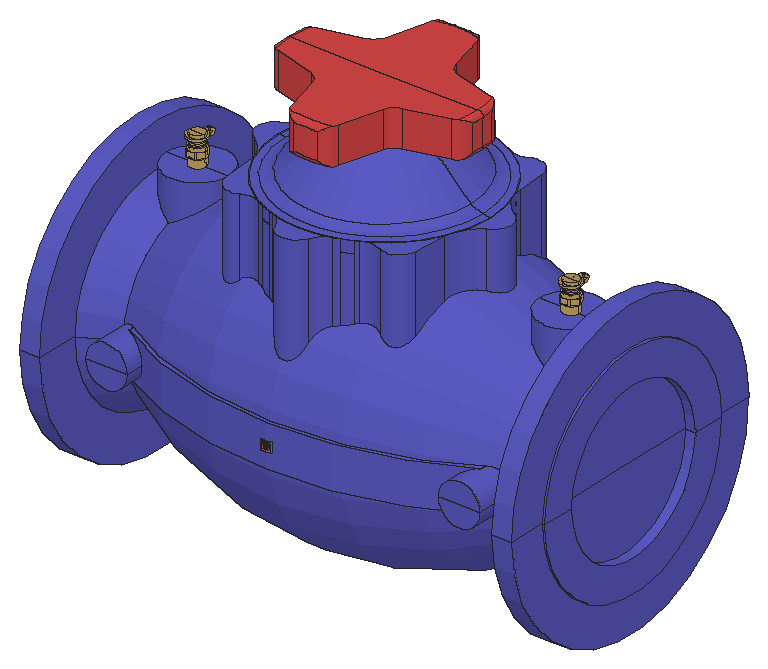
Revit family "HERZ Strömax Commissioning Valve With Test points, Straight Body 4218 GMF", category Rohrzubehör, Revit 2021 (continued)
Definition of nested family "Messstutzen_Band_Austritt_senkrecht_(oben 25)"
  Forms (mm)
    Extrusion 4, solid, detail levels fine
      sketch origin (12.045, 0, 25.83) x (0, 1, 0) y (0.906308, 0, -0.422618)
        loop
          arc (9.582, 1.8) -> (7.288, 2.358) -> (5.505, 3.906) r 5
          arc (5.505, 3.906) -> (-6.75, 0) -> (5.505, -3.906) r 6.75
      from 0 to -1.5
    Extrusion 5, solid, detail levels fine
      sketch origin (14.022, 0, 30.07) x (0, 1, 0) y (0.906308, 0, -0.422618)
        loop
          circle (0, 0) r 6.1
        loop
          arc (8.652, -4.495) -> (10.493, -2.527) -> (13.089, -1.8) r 5
          line (13.089, -1.8) -> (13.089, 1.8)
          arc (13.089, 1.8) -> (10.493, 2.527) -> (8.652, 4.495) r 5
          arc (8.652, 4.495) -> (-9.75, 0) -> (8.652, -4.495) r 9.75
      from 0 to -1.5
    Sweep 6, solid, detail levels fine
      path origin (0.876, 0.242, 1.118) x (-0.422618, 0, -0.906308) y (0, 1, 0)
        loop
          line (-27.75, 9.582) -> (-27.75, 14.522)
          arc (-27.75, 14.522) -> (-30.089, 16.862) -> (-32.428, 14.522) r 2.339
          line (-32.428, 14.522) -> (-32.428, 13.089)
      profile origin (12.603, 12.294, 26.268) x (0.422618, 0, 0.906308) y (0.906308, 0, -0.422618)
        loop
          line (-0.75, -1.8) -> (0.75, -1.8) -> (0.75, 1.8) -> (-0.75, 1.8) -> (-0.75, -1.8)
  Dimensions and locks
    aligned and locked: level to plane 2
Definition of nested family "Messstutzen_Band_Austritt_senkrecht_(oben 0.8)"
  Parameters (values of type "Messstutzen_Band_Austritt_senkrecht_(oben 0.8)")
    Default Elevation = 0.00 mm
    URL = "www.herz-armaturen.at"
    Schutzkappe [instance] = yes
    Nennweite [instance] = 0.00 mm
    Manufacturer = "Herz Armaturen GmbH"  # constant formula
    Gewicht [instance] = 0.00 kg
    Bestellnummer [instance] = 0
  Reference planes
    plane 1 "Mitte (Vorne/hinten)": y = 0
    plane 2: z = 0
    plane 3 "Mitte (Links/rechts)": x = 0
  Forms (mm)
    Revolve 1, solid, detail levels fine
      sketch origin (0, 0, 0) x (0.999903, 0, -0.013962) y (0.013962, 0, 0.999903)
        loop
          line (-7.4, 9) -> (-5.55, 9) -> (-5.55, 6)
          arc (-5.55, 6) -> (-5.626, 5.617) -> (-5.843, 5.293) r 1
          line (-5.843, 5.293) -> (-6.455, 4.681) -> (-6.455, 0.9) -> (-5.555, 0) -> (-2, 0) -> (-2, 17.5) -> (-8.4, 17.5)
          arc (-8.4, 17.5) -> (-7.693, 17.207) -> (-7.4, 16.5) r 1
          line (-7.4, 16.5) -> (-7.4, 9)
        loop
          line (-3.7, 27) -> (-7.3, 27) -> (-7.9, 26.4) -> (-7.9, 23) -> (-2, 23) -> (-2, 35.8) -> (-3.805, 35.8) -> (-4.415, 35.19) -> (-4.415, 30.863) -> (-3.7, 30.45) -> (-3.7, 27)
        axis (0, 0) -> (0, 35.8)
      angle from 0 to 360
    Extrusion 2, solid, detail levels fine
      sketch origin (0.244, 0, 17.498) x (0, 1, 0) y (-0.999903, 0, 0.013962)
        loop
          arc (-7.07, 5.156) -> (-7.578, 4.375) -> (-8, 3.544) r 8.75
          line (-8, 3.544) -> (-8, -3.544)
          arc (-8, -3.544) -> (-7.578, -4.375) -> (-7.07, -5.156) r 8.75
          line (-7.07, -5.156) -> (-0.93, -8.7)
          arc (-0.93, -8.7) -> (0, -8.75) -> (0.93, -8.7) r 8.75
          line (0.93, -8.7) -> (7.07, -5.156)
          arc (7.07, -5.156) -> (7.578, -4.375) -> (8, -3.544) r 8.75
          line (8, -3.544) -> (8, 3.544)
          arc (8, 3.544) -> (7.578, 4.375) -> (7.07, 5.156) r 8.75
          line (7.07, 5.156) -> (0.93, 8.7)
          arc (0.93, 8.7) -> (0, 8.75) -> (-0.93, 8.7) r 8.75
          line (-0.93, 8.7) -> (-7.07, 5.156)
      from 0 to 5.5
    Revolve 3, solid, visible <- "Schutzkappe", detail levels fine
      sketch origin (0, 0, 0) x (0.999903, 0, -0.013962) y (0.013962, 0, 0.999903)
        loop
          line (0, 35.878) -> (0, 36.678) -> (-7, 36.678) -> (-7, 33.378) -> (-6.1, 33.378) -> (-6.1, 31.678) -> (-6.9, 31.678) -> (-6.9, 30.178) -> (-4.415, 30.178) -> (-4.415, 35.268) -> (-3.805, 35.878) -> (0, 35.878)
        axis (0, 30.178) -> (0, 36.678)
      angle from 0 to 360
    Extrusion 4, solid, detail levels fine
      sketch origin (0.398, 0, 28.497) x (0, 1, 0) y (0.999903, 0, -0.013962)
        loop
          circle (0, 0) r 3.7
        loop
          arc (5.505, -3.906) -> (7.288, -2.358) -> (9.582, -1.8) r 5
          line (9.582, -1.8) -> (9.582, 1.8)
          arc (9.582, 1.8) -> (7.288, 2.358) -> (5.505, 3.906) r 5
          arc (5.505, 3.906) -> (-6.75, 0) -> (5.505, -3.906) r 6.75
      from 0 to -1.5
    Extrusion 5, solid, detail levels fine
      sketch origin (0.463, 0, 33.175) x (0, 1, 0) y (0.999903, 0, -0.013962)
        loop
          circle (0, 0) r 6.1
        loop
          arc (8.652, -4.495) -> (10.493, -2.527) -> (13.089, -1.8) r 5
          line (13.089, -1.8) -> (13.089, 1.8)
          arc (13.089, 1.8) -> (10.493, 2.527) -> (8.652, 4.495) r 5
          arc (8.652, 4.495) -> (-9.75, 0) -> (8.652, -4.495) r 9.75
      from 0 to -1.5
    Sweep 6, solid, detail levels fine
      path origin (0.514, 0.493, 1.007) x (-0.013962, 0, -0.999903) y (0, 1, 0)
        loop
          line (-27.75, 9.582) -> (-27.75, 14.522)
          arc (-27.75, 14.522) -> (-30.089, 16.862) -> (-32.428, 14.522) r 2.339
          line (-32.428, 14.522) -> (-32.428, 13.089)
      profile origin (0.901, 12.545, 28.754) x (0.013962, 0, 0.999903) y (0.999903, 0, -0.013962)
        loop
          line (-0.75, -1.8) -> (0.75, -1.8) -> (0.75, 1.8) -> (-0.75, 1.8) -> (-0.75, -1.8)
  Dimensions and locks
    aligned and locked: level to plane 2
Definition of nested family "Messstutzen_Band_Eintritt_senkrecht_(oben 10)"
  Parameters (values of type "Messstutzen_Band_Eintritt_senkrecht_(oben 10)")
    Default Elevation = 0.00 mm
    URL = "www.herz-armaturen.at"
    Schutzkappe [instance] = yes
    Nennweite [instance] = 0.00 mm
    Manufacturer = "Herz Armaturen GmbH"  # constant formula
    Gewicht [instance] = 0.00 kg
    Bestellnummer [instance] = 0
  Reference planes
    plane 1 "Mitte (Vorne/hinten)": y = 0
    plane 2: z = 0
    plane 3 "Mitte (Links/rechts)": x = 0
  Forms (mm)
    Revolve 1, solid, detail levels fine
      sketch origin (0, 0, 0) x (0.984808, 0, 0.173648) y (-0.173648, 0, 0.984808)
        loop
          line (-7.4, 9) -> (-5.55, 9) -> (-5.55, 6)
          arc (-5.55, 6) -> (-5.626, 5.617) -> (-5.843, 5.293) r 1
          line (-5.843, 5.293) -> (-6.455, 4.681) -> (-6.455, 0.9) -> (-5.555, 0) -> (-2, 0) -> (-2, 17.5) -> (-8.4, 17.5)
          arc (-8.4, 17.5) -> (-7.693, 17.207) -> (-7.4, 16.5) r 1
          line (-7.4, 16.5) -> (-7.4, 9)
        loop
          line (-3.7, 27) -> (-7.3, 27) -> (-7.9, 26.4) -> (-7.9, 23) -> (-2, 23) -> (-2, 35.8) -> (-3.805, 35.8) -> (-4.415, 35.19) -> (-4.415, 30.863) -> (-3.7, 30.45) -> (-3.7, 27)
        axis (0, 0) -> (0, 35.8)
      angle from 0 to 360
    Extrusion 2, solid, detail levels fine
      sketch origin (-3.039, 0, 17.234) x (0, 1, 0) y (-0.984808, 0, -0.173648)
        loop
          arc (-7.07, 5.156) -> (-7.578, 4.375) -> (-8, 3.544) r 8.75
          line (-8, 3.544) -> (-8, -3.544)
          arc (-8, -3.544) -> (-7.578, -4.375) -> (-7.07, -5.156) r 8.75
          line (-7.07, -5.156) -> (-0.93, -8.7)
          arc (-0.93, -8.7) -> (0, -8.75) -> (0.93, -8.7) r 8.75
          line (0.93, -8.7) -> (7.07, -5.156)
          arc (7.07, -5.156) -> (7.578, -4.375) -> (8, -3.544) r 8.75
          line (8, -3.544) -> (8, 3.544)
          arc (8, 3.544) -> (7.578, 4.375) -> (7.07, 5.156) r 8.75
          line (7.07, 5.156) -> (0.93, 8.7)
          arc (0.93, 8.7) -> (0, 8.75) -> (-0.93, 8.7) r 8.75
          line (-0.93, 8.7) -> (-7.07, 5.156)
      from 0 to 5.5
    Revolve 3, solid, visible <- "Schutzkappe", detail levels fine
      sketch origin (0, 0, 0) x (0.984808, 0, 0.173648) y (-0.173648, 0, 0.984808)
        loop
          line (0, 35.878) -> (0, 36.678) -> (-7, 36.678) -> (-7, 33.378) -> (-6.1, 33.378) -> (-6.1, 31.678) -> (-6.9, 31.678) -> (-6.9, 30.178) -> (-4.415, 30.178) -> (-4.415, 35.268) -> (-3.805, 35.878) -> (0, 35.878)
        axis (0, 30.178) -> (0, 36.678)
      angle from 0 to 360
    Extrusion 4, solid, detail levels fine
      sketch origin (-4.949, 0, 28.067) x (0, 1, 0) y (0.984808, 0, 0.173648)
        loop
          circle (0, 0) r 3.7
        loop
          arc (5.505, -3.906) -> (7.288, -2.358) -> (9.582, -1.8) r 5
          line (9.582, -1.8) -> (9.582, 1.8)
          arc (9.582, 1.8) -> (7.288, 2.358) -> (5.505, 3.906) r 5
          arc (5.505, 3.906) -> (-6.75, 0) -> (5.505, -3.906) r 6.75
      from 0 to -1.5
    Extrusion 5, solid, detail levels fine
      sketch origin (-5.761, 0, 32.674) x (0, 1, 0) y (0.984808, 0, 0.173648)
        loop
          circle (0, 0) r 6.1
        loop
          arc (8.652, -4.495) -> (10.493, -2.527) -> (13.089, -1.8) r 5
          line (13.089, -1.8) -> (13.089, 1.8)
          arc (13.089, 1.8) -> (10.493, 2.527) -> (8.652, 4.495) r 5
          arc (8.652, 4.495) -> (-9.75, 0) -> (8.652, -4.495) r 9.75
      from 0 to -1.5
    Sweep 6, solid, detail levels fine
      path origin (0.6, 0.141, 0.838) x (0.173648, 0, -0.984808) y (0, 1, 0)
        loop
          line (-27.75, 9.582) -> (-27.75, 14.522)
          arc (-27.75, 14.522) -> (-30.089, 16.862) -> (-32.428, 14.522) r 2.339
          line (-32.428, 14.522) -> (-32.428, 13.089)
      profile origin (-4.219, 12.193, 28.166) x (-0.173648, 0, 0.984808) y (0.984808, 0, 0.173648)
        loop
          line (-0.75, -1.8) -> (0.75, -1.8) -> (0.75, 1.8) -> (-0.75, 1.8) -> (-0.75, -1.8)
  Dimensions and locks
    aligned and locked: level to plane 2
Definition of nested family "Messstutzen_Band_Eintritt_senkrecht_(oben 15)"
  Parameters (values of type "Messstutzen_Band_Eintritt_senkrecht_(oben 15)")
    Default Elevation = 0.00 mm
    URL = "www.herz-armaturen.at"
    Schutzkappe [instance] = yes
    Nennweite [instance] = 0.00 mm
    Manufacturer = "Herz Armaturen GmbH"  # constant formula
    Gewicht [instance] = 0.00 kg
    Bestellnummer [instance] = 0
  Reference planes
    plane 1 "Mitte (Vorne/hinten)": y = 0
    plane 2: z = 0
    plane 3 "Mitte (Links/rechts)": x = 0
  Forms (mm)
    Revolve 1, solid, detail levels fine
      sketch origin (0, 0, 0) x (0.965926, 0, 0.258819) y (-0.258819, 0, 0.965926)
        loop
          line (-7.4, 9) -> (-5.55, 9) -> (-5.55, 6)
          arc (-5.55, 6) -> (-5.626, 5.617) -> (-5.843, 5.293) r 1
          line (-5.843, 5.293) -> (-6.455, 4.681) -> (-6.455, 0.9) -> (-5.555, 0) -> (-2, 0) -> (-2, 17.5) -> (-8.4, 17.5)
          arc (-8.4, 17.5) -> (-7.693, 17.207) -> (-7.4, 16.5) r 1
          line (-7.4, 16.5) -> (-7.4, 9)
        loop
          line (-3.7, 27) -> (-7.3, 27) -> (-7.9, 26.4) -> (-7.9, 23) -> (-2, 23) -> (-2, 35.8) -> (-3.805, 35.8) -> (-4.415, 35.19) -> (-4.415, 30.863) -> (-3.7, 30.45) -> (-3.7, 27)
        axis (0, 0) -> (0, 35.8)
      angle from 0 to 360
    Extrusion 2, solid, detail levels fine
      sketch origin (-4.529, 0, 16.904) x (0, 1, 0) y (-0.965926, 0, -0.258819)
        loop
          arc (-7.07, 5.156) -> (-7.578, 4.375) -> (-8, 3.544) r 8.75
          line (-8, 3.544) -> (-8, -3.544)
          arc (-8, -3.544) -> (-7.578, -4.375) -> (-7.07, -5.156) r 8.75
          line (-7.07, -5.156) -> (-0.93, -8.7)
          arc (-0.93, -8.7) -> (0, -8.75) -> (0.93, -8.7) r 8.75
          line (0.93, -8.7) -> (7.07, -5.156)
          arc (7.07, -5.156) -> (7.578, -4.375) -> (8, -3.544) r 8.75
          line (8, -3.544) -> (8, 3.544)
          arc (8, 3.544) -> (7.578, 4.375) -> (7.07, 5.156) r 8.75
          line (7.07, 5.156) -> (0.93, 8.7)
          arc (0.93, 8.7) -> (0, 8.75) -> (-0.93, 8.7) r 8.75
          line (-0.93, 8.7) -> (-7.07, 5.156)
      from 0 to 5.5
    Revolve 3, solid, visible <- "Schutzkappe", detail levels fine
      sketch origin (0, 0, 0) x (0.965926, 0, 0.258819) y (-0.258819, 0, 0.965926)
        loop
          line (0, 35.878) -> (0, 36.678) -> (-7, 36.678) -> (-7, 33.378) -> (-6.1, 33.378) -> (-6.1, 31.678) -> (-6.9, 31.678) -> (-6.9, 30.178) -> (-4.415, 30.178) -> (-4.415, 35.268) -> (-3.805, 35.878) -> (0, 35.878)
        axis (0, 30.178) -> (0, 36.678)
      angle from 0 to 360
    Extrusion 4, solid, detail levels fine
      sketch origin (-7.376, 0, 27.529) x (0, 1, 0) y (0.965926, 0, 0.258819)
        loop
          circle (0, 0) r 3.7
        loop
          arc (5.505, -3.906) -> (7.288, -2.358) -> (9.582, -1.8) r 5
          line (9.582, -1.8) -> (9.582, 1.8)
          arc (9.582, 1.8) -> (7.288, 2.358) -> (5.505, 3.906) r 5
          arc (5.505, 3.906) -> (-6.75, 0) -> (5.505, -3.906) r 6.75
      from 0 to -1.5
    Extrusion 5, solid, detail levels fine
      sketch origin (-8.587, 0, 32.048) x (0, 1, 0) y (0.965926, 0, 0.258819)
        loop
          circle (0, 0) r 6.1
        loop
          arc (8.652, -4.495) -> (10.493, -2.527) -> (13.089, -1.8) r 5
          line (13.089, -1.8) -> (13.089, 1.8)
          arc (13.089, 1.8) -> (10.493, 2.527) -> (8.652, 4.495) r 5
          arc (8.652, 4.495) -> (-9.75, 0) -> (8.652, -4.495) r 9.75
      from 0 to -1.5
    Sweep 6, solid, detail levels fine
      path origin (0.468, 0.277, 0.942) x (0.258819, 0, -0.965926) y (0, 1, 0)
        loop
          line (-27.75, 9.582) -> (-27.75, 14.522)
          arc (-27.75, 14.522) -> (-30.089, 16.862) -> (-32.428, 14.522) r 2.339
          line (-32.428, 14.522) -> (-32.428, 13.089)
      profile origin (-6.714, 12.329, 27.747) x (-0.258819, 0, 0.965926) y (0.965926, 0, 0.258819)
        loop
          line (-0.75, -1.8) -> (0.75, -1.8) -> (0.75, 1.8) -> (-0.75, 1.8) -> (-0.75, -1.8)
  Dimensions and locks
    aligned and locked: level to plane 2
Definition of nested family "Messstutzen_Band_Eintritt_senkrecht_(oben 25)"
  Parameters (values of type "Messstutzen_Band_Eintritt_senkrecht_(oben 25)")
    Default Elevation = 0.00 mm
    URL = "www.herz-armaturen.at"
    Schutzkappe [instance] = yes
    Nennweite [instance] = 0.00 mm
    Manufacturer = "Herz Armaturen GmbH"  # constant formula
    Gewicht [instance] = 0.00 kg
    Bestellnummer [instance] = 0
  Reference planes
    plane 1 "Mitte (Vorne/hinten)": y = 0
    plane 2: z = 0
    plane 3 "Mitte (Links/rechts)": x = 0
  Forms (mm)
    Revolve 1, solid, detail levels fine
      sketch origin (0, 0, 0) x (0.906308, 0, 0.422618) y (-0.422618, 0, 0.906308)
        loop
          line (-7.4, 9) -> (-5.55, 9) -> (-5.55, 6)
          arc (-5.55, 6) -> (-5.626, 5.617) -> (-5.843, 5.293) r 1
          line (-5.843, 5.293) -> (-6.455, 4.681) -> (-6.455, 0.9) -> (-5.555, 0) -> (-2, 0) -> (-2, 17.5) -> (-8.4, 17.5)
          arc (-8.4, 17.5) -> (-7.693, 17.207) -> (-7.4, 16.5) r 1
          line (-7.4, 16.5) -> (-7.4, 9)
        loop
          line (-3.7, 27) -> (-7.3, 27) -> (-7.9, 26.4) -> (-7.9, 23) -> (-2, 23) -> (-2, 35.8) -> (-3.805, 35.8) -> (-4.415, 35.19) -> (-4.415, 30.863) -> (-3.7, 30.45) -> (-3.7, 27)
        axis (0, 0) -> (0, 35.8)
      angle from 0 to 360
    Extrusion 2, solid, detail levels fine
      sketch origin (-7.396, 0, 15.86) x (0, 1, 0) y (-0.906308, 0, -0.422618)
        loop
          arc (-7.07, 5.156) -> (-7.578, 4.375) -> (-8, 3.544) r 8.75
          line (-8, 3.544) -> (-8, -3.544)
          arc (-8, -3.544) -> (-7.578, -4.375) -> (-7.07, -5.156) r 8.75
          line (-7.07, -5.156) -> (-0.93, -8.7)
          arc (-0.93, -8.7) -> (0, -8.75) -> (0.93, -8.7) r 8.75
          line (0.93, -8.7) -> (7.07, -5.156)
          arc (7.07, -5.156) -> (7.578, -4.375) -> (8, -3.544) r 8.75
          line (8, -3.544) -> (8, 3.544)
          arc (8, 3.544) -> (7.578, 4.375) -> (7.07, 5.156) r 8.75
          line (7.07, 5.156) -> (0.93, 8.7)
          arc (0.93, 8.7) -> (0, 8.75) -> (-0.93, 8.7) r 8.75
          line (-0.93, 8.7) -> (-7.07, 5.156)
      from 0 to 5.5
    Revolve 3, solid, visible <- "Schutzkappe", detail levels fine
      sketch origin (0, 0, 0) x (0.906308, 0, 0.422618) y (-0.422618, 0, 0.906308)
        loop
          line (0, 35.878) -> (0, 36.678) -> (-7, 36.678) -> (-7, 33.378) -> (-6.1, 33.378) -> (-6.1, 31.678) -> (-6.9, 31.678) -> (-6.9, 30.178) -> (-4.415, 30.178) -> (-4.415, 35.268) -> (-3.805, 35.878) -> (0, 35.878)
        axis (0, 30.178) -> (0, 36.678)
      angle from 0 to 360
    Extrusion 4, solid, detail levels fine
      sketch origin (-12.045, 0, 25.83) x (0, 1, 0) y (0.906308, 0, 0.422618)
        loop
          circle (0, 0) r 3.7
        loop
          arc (5.505, -3.906) -> (7.288, -2.358) -> (9.582, -1.8) r 5
          line (9.582, -1.8) -> (9.582, 1.8)
          arc (9.582, 1.8) -> (7.288, 2.358) -> (5.505, 3.906) r 5
          arc (5.505, 3.906) -> (-6.75, 0) -> (5.505, -3.906) r 6.75
      from 0 to -1.5
    Extrusion 5, solid, detail levels fine
      sketch origin (-14.022, 0, 30.07) x (0, 1, 0) y (0.906308, 0, 0.422618)
        loop
          circle (0, 0) r 6.1
        loop
          arc (8.652, -4.495) -> (10.493, -2.527) -> (13.089, -1.8) r 5
          line (13.089, -1.8) -> (13.089, 1.8)
          arc (13.089, 1.8) -> (10.493, 2.527) -> (8.652, 4.495) r 5
          arc (8.652, 4.495) -> (-9.75, 0) -> (8.652, -4.495) r 9.75
      from 0 to -1.5
    Sweep 6, solid, detail levels fine
      path origin (-0.876, 0.242, 1.118) x (0.422618, 0, -0.906308) y (0, 1, 0)
        loop
          line (-27.75, 9.582) -> (-27.75, 14.522)
          arc (-27.75, 14.522) -> (-30.089, 16.862) -> (-32.428, 14.522) r 2.339
          line (-32.428, 14.522) -> (-32.428, 13.089)
      profile origin (-12.603, 12.294, 26.268) x (-0.422618, 0, 0.906308) y (0.906308, 0, 0.422618)
        loop
          line (-0.75, -1.8) -> (0.75, -1.8) -> (0.75, 1.8) -> (-0.75, 1.8) -> (-0.75, -1.8)
  Dimensions and locks
    aligned and locked: level to plane 2
Definition of nested family "Messstutzen_Band_Eintritt_senkrecht_(oben 0.8)"
  Parameters (values of type "Messstutzen_Band_Eintritt_senkrecht_(oben 0.8)")
    Default Elevation = 0.00 mm
    URL = "www.herz-armaturen.at"
    Schutzkappe [instance] = yes
    Nennweite [instance] = 0.00 mm
    Manufacturer = "Herz Armaturen GmbH"  # constant formula
    Gewicht [instance] = 0.00 kg
    Bestellnummer [instance] = 0
  Reference planes
    plane 1 "Mitte (Vorne/hinten)": y = 0
    plane 2: z = 0
    plane 3 "Mitte (Links/rechts)": x = 0
  Forms (mm)
    Revolve 1, solid, detail levels fine
      sketch origin (0, 0, 0) x (0.999903, 0, 0.013962) y (-0.013962, 0, 0.999903)
        loop
          line (-7.4, 9) -> (-5.55, 9) -> (-5.55, 6)
          arc (-5.55, 6) -> (-5.626, 5.617) -> (-5.843, 5.293) r 1
          line (-5.843, 5.293) -> (-6.455, 4.681) -> (-6.455, 0.9) -> (-5.555, 0) -> (-2, 0) -> (-2, 17.5) -> (-8.4, 17.5)
          arc (-8.4, 17.5) -> (-7.693, 17.207) -> (-7.4, 16.5) r 1
          line (-7.4, 16.5) -> (-7.4, 9)
        loop
          line (-3.7, 27) -> (-7.3, 27) -> (-7.9, 26.4) -> (-7.9, 23) -> (-2, 23) -> (-2, 35.8) -> (-3.805, 35.8) -> (-4.415, 35.19) -> (-4.415, 30.863) -> (-3.7, 30.45) -> (-3.7, 27)
        axis (0, 0) -> (0, 35.8)
      angle from 0 to 360
    Extrusion 2, solid, detail levels fine
      sketch origin (-0.244, 0, 17.498) x (0, 1, 0) y (-0.999903, 0, -0.013962)
        loop
          arc (-7.07, 5.156) -> (-7.578, 4.375) -> (-8, 3.544) r 8.75
          line (-8, 3.544) -> (-8, -3.544)
          arc (-8, -3.544) -> (-7.578, -4.375) -> (-7.07, -5.156) r 8.75
          line (-7.07, -5.156) -> (-0.93, -8.7)
          arc (-0.93, -8.7) -> (0, -8.75) -> (0.93, -8.7) r 8.75
          line (0.93, -8.7) -> (7.07, -5.156)
          arc (7.07, -5.156) -> (7.578, -4.375) -> (8, -3.544) r 8.75
          line (8, -3.544) -> (8, 3.544)
          arc (8, 3.544) -> (7.578, 4.375) -> (7.07, 5.156) r 8.75
          line (7.07, 5.156) -> (0.93, 8.7)
          arc (0.93, 8.7) -> (0, 8.75) -> (-0.93, 8.7) r 8.75
          line (-0.93, 8.7) -> (-7.07, 5.156)
      from 0 to 5.5
    Revolve 3, solid, visible <- "Schutzkappe", detail levels fine
      sketch origin (0, 0, 0) x (0.999903, 0, 0.013962) y (-0.013962, 0, 0.999903)
        loop
          line (0, 35.878) -> (0, 36.678) -> (-7, 36.678) -> (-7, 33.378) -> (-6.1, 33.378) -> (-6.1, 31.678) -> (-6.9, 31.678) -> (-6.9, 30.178) -> (-4.415, 30.178) -> (-4.415, 35.268) -> (-3.805, 35.878) -> (0, 35.878)
        axis (0, 30.178) -> (0, 36.678)
      angle from 0 to 360
    Extrusion 4, solid, detail levels fine
      sketch origin (-0.398, 0, 28.497) x (0, 1, 0) y (0.999903, 0, 0.013962)
        loop
          circle (0, 0) r 3.7
        loop
          arc (5.505, -3.906) -> (7.288, -2.358) -> (9.582, -1.8) r 5
          line (9.582, -1.8) -> (9.582, 1.8)
          arc (9.582, 1.8) -> (7.288, 2.358) -> (5.505, 3.906) r 5
          arc (5.505, 3.906) -> (-6.75, 0) -> (5.505, -3.906) r 6.75
      from 0 to -1.5
    Extrusion 5, solid, detail levels fine
      sketch origin (-0.463, 0, 33.175) x (0, 1, 0) y (0.999903, 0, 0.013962)
        loop
          circle (0, 0) r 6.1
        loop
          arc (8.652, -4.495) -> (10.493, -2.527) -> (13.089, -1.8) r 5
          line (13.089, -1.8) -> (13.089, 1.8)
          arc (13.089, 1.8) -> (10.493, 2.527) -> (8.652, 4.495) r 5
          arc (8.652, 4.495) -> (-9.75, 0) -> (8.652, -4.495) r 9.75
      from 0 to -1.5
    Sweep 6, solid, detail levels fine
      path origin (0.447, 0.318, 1.252) x (0.013962, 0, -0.999903) y (0, 1, 0)
        loop
          line (-27.75, 9.582) -> (-27.75, 14.522)
          arc (-27.75, 14.522) -> (-30.089, 16.862) -> (-32.428, 14.522) r 2.339
          line (-32.428, 14.522) -> (-32.428, 13.089)
      profile origin (0.059, 12.37, 29) x (-0.013962, 0, 0.999903) y (0.999903, 0, 0.013962)
        loop
          line (-0.75, -1.8) -> (0.75, -1.8) -> (0.75, 1.8) -> (-0.75, 1.8) -> (-0.75, -1.8)
  Dimensions and locks
    aligned and locked: level to plane 2
Definition of nested family "Strangregulierventil-Handrad-Gerade (Rot) DN15-DN40"
  Parameters (values of type "Strangregulierventil-Handrad-Gerade (Rot) DN15-DN40")
    Default Elevation = 0.00 mm
    URL = "www.herz-armaturen.at"
    Nennweite [instance] = 0.00 mm
    Manufacturer = "Herz Armaturen GmbH"  # constant formula
    Gewicht [instance] = 0.00 kg
    Bestellnummer [instance] = 0
  Reference planes
    plane 1 "Mitte (Vorne/hinten)": y = 0
    plane 2: z = 0
    plane 3 "Mitte (Links/rechts)": x = 0
  Forms (mm)
    Revolve 1, solid, detail levels fine
      sketch origin (0, 0, 0) x (1, 0, 0) y (0, 0, 1)
        loop
          line (0, 0) -> (0, 24.95) -> (-30.992, 24.95)
          arc (-30.992, 24.95) -> (-34.37, 23.636) -> (-35.973, 20.386) r 5
          line (-35.973, 20.386) -> (-37, 8.65) -> (-35.986, -2.936)
          arc (-35.986, -2.936) -> (-34.383, -6.186) -> (-31.005, -7.5) r 5
          line (-31.005, -7.5) -> (-15, -7.5) -> (-15, 0) -> (0, 0)
        axis (0, 24.95) -> (0, -7.5)
      angle from 0 to 360
    Extrusion 2, void
      sketch origin (0, 0, 20.3) x (1, 0, 0) y (0, 1, 0)
        loop
          line (3.861, 35.5) -> (-3.861, 35.5)
          arc (-3.861, 35.5) -> (-8.731, 33.847) -> (-11.589, 29.571) r 8
          line (-11.589, 29.571) -> (-13.284, 23.245)
          arc (-13.284, 23.245) -> (-13.982, 21.722) -> (-15.144, 20.516) r 5
          arc (-15.144, 20.516) -> (-18.031, 18.031) -> (-20.516, 15.144) r 25.5
          arc (-20.516, 15.144) -> (-21.722, 13.982) -> (-23.245, 13.284) r 5
          line (-23.245, 13.284) -> (-29.571, 11.589)
          arc (-29.571, 11.589) -> (-33.847, 8.731) -> (-35.5, 3.861) r 8
          line (-35.5, 3.861) -> (-35.5, -3.861)
          arc (-35.5, -3.861) -> (-33.847, -8.731) -> (-29.571, -11.589) r 8
          line (-29.571, -11.589) -> (-23.245, -13.284)
          arc (-23.245, -13.284) -> (-21.722, -13.982) -> (-20.516, -15.144) r 5
          arc (-20.516, -15.144) -> (-18.031, -18.031) -> (-15.144, -20.516) r 25.5
          arc (-15.144, -20.516) -> (-13.982, -21.722) -> (-13.284, -23.245) r 5
          line (-13.284, -23.245) -> (-11.589, -29.571)
          arc (-11.589, -29.571) -> (-8.731, -33.847) -> (-3.861, -35.5) r 8
          line (-3.861, -35.5) -> (3.861, -35.5)
          arc (3.861, -35.5) -> (8.731, -33.847) -> (11.589, -29.571) r 8
          line (11.589, -29.571) -> (13.284, -23.245)
          arc (13.284, -23.245) -> (13.982, -21.722) -> (15.144, -20.516) r 5
          arc (15.144, -20.516) -> (18.031, -18.031) -> (20.516, -15.144) r 25.5
          arc (20.516, -15.144) -> (21.722, -13.982) -> (23.245, -13.284) r 5
          line (23.245, -13.284) -> (29.571, -11.589)
          arc (29.571, -11.589) -> (33.847, -8.731) -> (35.5, -3.861) r 8
          line (35.5, -3.861) -> (35.5, 3.861)
          arc (35.5, 3.861) -> (33.847, 8.731) -> (29.571, 11.589) r 8
          line (29.571, 11.589) -> (23.245, 13.284)
          arc (23.245, 13.284) -> (21.722, 13.982) -> (20.516, 15.144) r 5
          arc (20.516, 15.144) -> (18.031, 18.031) -> (15.144, 20.516) r 25.5
          arc (15.144, 20.516) -> (13.982, 21.722) -> (13.284, 23.245) r 5
          line (13.284, 23.245) -> (11.589, 29.571)
          arc (11.589, 29.571) -> (8.731, 33.847) -> (3.861, 35.5) r 8
        loop
          circle (0, 0) r 38
      from -31.266 to 7.923
  Cuts and joins
    Extrusion 2 cuts Revolve 1
  Dimensions and locks
    Revolve 1 sketch curve to Revolve 1 sketch curve = 15.00 mm
    Revolve 1 sketch curve to Revolve 1 sketch curve = 16.15 mm
    Revolve 1 sketch curve to Revolve 1 sketch curve = 16.30 mm
    angle Revolve 1 sketch curve to Revolve 1 sketch curve = 95.00°
    aligned and locked: level to plane 2
Definition of nested family "Strangregulierventil-Handrad-Gerade (Rot) DN50-DN80"
  Parameters (values of type "Strangregulierventil-Handrad-Gerade (Rot) DN50-DN80")
    Default Elevation = 0.00 mm
    URL = "www.herz-armaturen.at"
    Nennweite [instance] = 0.00 mm
    Manufacturer = "Herz Armaturen GmbH"  # constant formula
    Gewicht [instance] = 0.00 kg
    Bestellnummer [instance] = 0
  Reference planes
    plane 1 "Mitte (Vorne/hinten)": y = 0
    plane 2: z = 0
    plane 3 "Mitte (Links/rechts)": x = 0
  Forms (mm)
    Revolve 1, solid, detail levels fine
      sketch origin (0, 0, 0) x (1, 0, 0) y (0, 0, 1)
        loop
          line (0, 0) -> (0, 24.95) -> (-50.992, 24.95)
          arc (-50.992, 24.95) -> (-54.37, 23.636) -> (-55.973, 20.386) r 5
          line (-55.973, 20.386) -> (-57, 8.65) -> (-55.986, -2.936)
          arc (-55.986, -2.936) -> (-54.383, -6.186) -> (-51.005, -7.5) r 5
          line (-51.005, -7.5) -> (-15, -7.5) -> (-15, 0) -> (0, 0)
        axis (0, 24.95) -> (0, -7.5)
      angle from 0 to 360
    Extrusion 2, void
      sketch origin (0, 0, 20.3) x (1, 0, 0) y (0, 1, 0)
        loop
          line (-55, 6.292) -> (-55, -6.292)
          arc (-55, -6.292) -> (-52.52, -13.597) -> (-46.106, -17.883) r 12
          line (-46.106, -17.883) -> (-35.399, -20.752)
          arc (-35.399, -20.752) -> (-33.541, -21.612) -> (-32.08, -23.047) r 6
          arc (-32.08, -23.047) -> (-27.931, -27.931) -> (-23.047, -32.08) r 39.5
          arc (-23.047, -32.08) -> (-21.612, -33.541) -> (-20.752, -35.399) r 6
          line (-20.752, -35.399) -> (-17.883, -46.106)
          arc (-17.883, -46.106) -> (-13.597, -52.52) -> (-6.292, -55) r 12
          line (-6.292, -55) -> (6.292, -55)
          arc (6.292, -55) -> (13.597, -52.52) -> (17.883, -46.106) r 12
          line (17.883, -46.106) -> (20.752, -35.399)
          arc (20.752, -35.399) -> (21.612, -33.541) -> (23.047, -32.08) r 6
          arc (23.047, -32.08) -> (27.931, -27.931) -> (32.08, -23.047) r 39.5
          arc (32.08, -23.047) -> (33.541, -21.612) -> (35.399, -20.752) r 6
          line (35.399, -20.752) -> (46.106, -17.883)
          arc (46.106, -17.883) -> (52.52, -13.597) -> (55, -6.292) r 12
          line (55, -6.292) -> (55, 6.292)
          arc (55, 6.292) -> (52.52, 13.597) -> (46.106, 17.883) r 12
          line (46.106, 17.883) -> (35.399, 20.752)
          arc (35.399, 20.752) -> (33.541, 21.612) -> (32.08, 23.047) r 6
          arc (32.08, 23.047) -> (27.931, 27.931) -> (23.047, 32.08) r 39.5
          arc (23.047, 32.08) -> (21.612, 33.541) -> (20.752, 35.399) r 6
          line (20.752, 35.399) -> (17.883, 46.106)
          arc (17.883, 46.106) -> (13.597, 52.52) -> (6.292, 55) r 12
          line (6.292, 55) -> (-6.292, 55)
          arc (-6.292, 55) -> (-13.597, 52.52) -> (-17.883, 46.106) r 12
          line (-17.883, 46.106) -> (-20.752, 35.399)
          arc (-20.752, 35.399) -> (-21.612, 33.541) -> (-23.047, 32.08) r 6
          arc (-23.047, 32.08) -> (-27.931, 27.931) -> (-32.08, 23.047) r 39.5
          arc (-32.08, 23.047) -> (-33.541, 21.612) -> (-35.399, 20.752) r 6
          line (-35.399, 20.752) -> (-46.106, 17.883)
          arc (-46.106, 17.883) -> (-52.52, 13.597) -> (-55, 6.292) r 12
        loop
          circle (0, 0) r 60
      from -31.161 to 7.489
  Cuts and joins
    Extrusion 2 cuts Revolve 1
  Dimensions and locks
    Revolve 1 sketch curve to Revolve 1 sketch curve = 15.00 mm
    Revolve 1 sketch curve to Revolve 1 sketch curve = 16.15 mm
    Revolve 1 sketch curve to Revolve 1 sketch curve = 16.30 mm
    Revolve 1 sketch curve to Revolve 1 sketch curve = 57.00 mm
    angle Revolve 1 sketch curve to Revolve 1 sketch curve = 95.00°
    aligned and locked: level to plane 2
Definition of nested family "Strangregulierventil-Handrad-Gerade (Rot) DN100-DN150"
  Parameters (values of type "Strangregulierventil-Handrad-Gerade (Rot) DN100-DN150")
    Default Elevation = 0.00 mm
    URL = "www.herz-armaturen.at"
    Nennweite [instance] = 0.00 mm
    Manufacturer = "Herz Armaturen GmbH"  # constant formula
    Gewicht [instance] = 0.00 kg
    Bestellnummer [instance] = 0
  Reference planes
    plane 1 "Mitte (Vorne/hinten)": y = 0
    plane 2: z = 0
    plane 3 "Mitte (Links/rechts)": x = 0
  Forms (mm)
    Revolve 1, solid, detail levels fine
      sketch origin (0, 0, 0) x (1, 0, 0) y (0, 0, 1)
        loop
          line (0, 0) -> (0, 20.8) -> (-90.019, 20.8)
          arc (-90.019, 20.8) -> (-93.397, 19.486) -> (-95, 16.236) r 5
          line (-95, 16.236) -> (-95, -9.166)
          arc (-95, -9.166) -> (-93.362, -12.33) -> (-90.032, -13.6) r 5
          line (-90.032, -13.6) -> (-20, -13.6) -> (-20, 0) -> (0, 0)
        axis (0, 20.8) -> (0, -13.6)
      angle from 0 to 360
    Extrusion 2, void
      sketch origin (0, 0, 20.3) x (1, 0, 0) y (0, 1, 0)
        loop
          circle (0, 0) r 110
        loop
          arc (-8.5, 94.619) -> (-17.649, 91.506) -> (-23, 83.46) r 15
          line (-23, 83.46) -> (-33.535, 44.142)
          arc (-33.535, 44.142) -> (-37.417, 37.417) -> (-44.142, 33.535) r 15
          line (-44.142, 33.535) -> (-83.46, 23)
          arc (-83.46, 23) -> (-91.506, 17.649) -> (-94.619, 8.5) r 15
          arc (-94.619, 8.5) -> (-95, 0) -> (-94.619, -8.5) r 95
          arc (-94.619, -8.5) -> (-91.506, -17.649) -> (-83.46, -23) r 15
          line (-83.46, -23) -> (-44.142, -33.535)
          arc (-44.142, -33.535) -> (-37.417, -37.417) -> (-33.535, -44.142) r 15
          line (-33.535, -44.142) -> (-23, -83.46)
          arc (-23, -83.46) -> (-17.649, -91.506) -> (-8.5, -94.619) r 15
          arc (-8.5, -94.619) -> (0, -95) -> (8.5, -94.619) r 95
          arc (8.5, -94.619) -> (17.649, -91.506) -> (23, -83.46) r 15
          line (23, -83.46) -> (33.535, -44.142)
          arc (33.535, -44.142) -> (37.417, -37.417) -> (44.142, -33.535) r 15
          line (44.142, -33.535) -> (83.46, -23)
          arc (83.46, -23) -> (91.506, -17.649) -> (94.619, -8.5) r 15
          arc (94.619, -8.5) -> (95, 0) -> (94.619, 8.5) r 95
          arc (94.619, 8.5) -> (91.506, 17.649) -> (83.46, 23) r 15
          line (83.46, 23) -> (44.142, 33.535)
          arc (44.142, 33.535) -> (37.417, 37.417) -> (33.535, 44.142) r 15
          line (33.535, 44.142) -> (23, 83.46)
          arc (23, 83.46) -> (17.649, 91.506) -> (8.5, 94.619) r 15
          arc (8.5, 94.619) -> (0, 95) -> (-8.5, 94.619) r 95
      from -51.286 to 22
  Cuts and joins
    Extrusion 2 cuts Revolve 1
  Dimensions and locks
    Revolve 1 sketch curve to Revolve 1 sketch curve = 20.00 mm
    Revolve 1 sketch curve to Revolve 1 sketch curve = 95.00 mm
    Revolve 1 sketch curve to Revolve 1 sketch curve = 34.40 mm
    plane 2 to Revolve 1 sketch curve = 13.60 mm
    aligned and locked: level to plane 2
